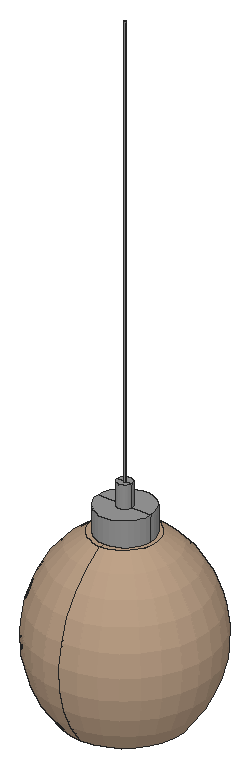
Revit family "Bommel Bulb Lamp - Birch", category Lighting Fixtures, host Ceiling, Revit 2020
Family settings
  Host = Ceiling
  Round Connector Dimension = Use Diameter
  Part Type = Normal
  OmniClass Number = 23.80.70.11
  OmniClass Title = Luminaries for Internal Lighting
  Always vertical = Yes
  Cut with Voids When Loaded = No
  Light Source = Yes
  Shared = No
  Room Calculation Point = No
Parameters
  Width = 0
  Wattage = 12.1178 W
  WarrantyPeriod = 0
  WarrantyGuarantorParts = ""
  WarrantyGuarantorLabor = ""
  WarrantyDurationParts = 0
  WarrantyDurationLabor = 0
  WarrantyDescription = ""
  WarrantyContent = ""
  built-in parameter 1150110 = 1 (stored number, unit not read)
  VisibleLightTransmittance = ""
  built-in parameter 1114217 = 1 (stored number, unit not read)
  built-in parameter 1150109 = 1 (stored number, unit not read)
  built-in parameter 1150134 = (empty or 0)
  built-in parameter 1150113 = 1 (stored number, unit not read)
  Size = ""
  Shape = ""
  ReplacementCost = 0
  Reference = ""
  NominalWidth = 0
  NominalLength = 0
  NominalHeight = 0
  ModelReference = ""
  ModelLabel = ""
  MaterialFrame = ""
  Material = ""
  Lumens = 1800 lm
  built-in parameter 1010506 = 0.5236 (stored number, unit not read)
  built-in parameter 1010507 = 1.5708 (stored number, unit not read)
  Tilt Angle = 90.00°
  built-in parameter 1150115 = 1 (stored number, unit not read)
  built-in parameter 1150105 = 6018.4 (stored number, unit not read)
  Light Source Symbol Length = 10' - 0"
  built-in parameter 1150137 = (empty or 0)
  built-in parameter 1150139 = (empty or 0)
  built-in parameter 1150112 = 1 (stored number, unit not read)
  built-in parameter 1150114 = 1 (stored number, unit not read)
  IsExtendedWarranty = 0
  built-in parameter 1150132 = 2
  built-in parameter 1150102 = (empty or 0)
  built-in parameter 1150138 = (empty or 0)
  built-in parameter 1150107 = 3000 (stored number, unit not read)
  built-in parameter 1150106 = 60.184 (stored number, unit not read)
  Height = 0
  GlobalTradeItemNumber = ""
  Finish = ""
  Features = ""
  ExpectedLife = ""
  built-in parameter 1150104 = 13.8 (stored number, unit not read)
  DurabilityRating = ""
  Dimming Lamp Color Temperature Shift = <None>
  Default Elevation = 0' - 0"
  CreatedBy = ""
  ConstructionMethod = ""
  Color Filter = 16777215
  Color = ""
  CodePerformance = ""
  CoatingFrame = ""
  BatchReference = ""
  BarCode = 0
  built-in parameter 1114218 = 1 (stored number, unit not read)
  built-in parameter 1150133 = 10 (stored number, unit not read)
  AssemblyPlace = ""
  ArticleNumber = ""
  Area = 0
  AccessibilityPerformance = ""
Reference planes (in)
  plane 1 "Light Source Axis (F/B)": y = 0
  plane 2 "Ceiling": z = 96
  plane 3 "Light Source Axis (L/R)": x = 0
  plane 4 "Light Source Elevation": z = 63.53885
  plane 5: z = 69.85657
  plane 6: z = 60.48593
Forms (in)
  Revolve 1, solid
    sketch origin (0, 0, -20.70277) x (0, 1, 0) y (0, 0, 1)
      loop
        line (3.05653, 81.1887) -> (3.125, 81.1887)
        arc (3.125, 81.1887) -> (4.6381, 86.19235) -> (1.76487, 90.55934) r 6.16521
        line (1.76487, 90.55934) -> (0, 90.55934) -> (0, 90.50856) -> (1.75048, 90.50856)
        arc (1.75048, 90.50856) -> (4.59208, 86.15533) -> (3.05653, 81.1887) r 6.11443
      axis (0, 90.55934) -> (0, 81.1887)
    angle from 0 to 360
  Revolve 2, solid
    sketch origin (0, 0, 0) x (1, 0, 0) y (0, 0, 1)
      loop
        line (0, 69.85657) -> (0, 71.20573) -> (-1.5, 71.20573) -> (-1.5, 69.85657) -> (0, 69.85657)
      axis (0, 71.20573) -> (0, 69.85657)
    angle from 0 to 360
  Revolve 3, solid
    sketch origin (0, 0, 0.69735) x (1, 0, 0) y (0, 0, 1)
      loop
        line (0, 70.50838) -> (0, 71.72736) -> (-0.39675, 71.72736) -> (-0.39675, 70.50838) -> (0, 70.50838)
      axis (0, 71.72736) -> (0, 70.50838)
    angle from 0 to 360
  Revolve 4, solid
    sketch origin (0, 0, 0) x (1, 0, 0) y (0, 0, 1)
      loop
        line (0, 72.42471) -> (0, 96) -> (-0.06648, 96) -> (-0.06648, 72.42471) -> (0, 72.42471)
      axis (0, 96) -> (0, 72.42471)
    angle from 0 to 360
Text (in)
  text "0 Tilt Angle" at (-58.35608, 9.29162, 84), in view "Ref. Level"
  text "180 Tilt Angle" at (25.71096, 9.29162, 84), in view "Ref. Level"
Dimensions and locks (in)
  equal spacing: host sketch curve, plane 3 "Light Source Axis (L/R)", host sketch curve
  equal spacing: host sketch curve, plane 1 "Light Source Axis (F/B)", host sketch curve
  host sketch curve to host sketch curve = 10' - 0"  (x2)
  plane 6 to plane 5 = 0' - 9.37064"
  aligned and locked: plane 1 "Light Source Axis (F/B)" to imposter light
  aligned and locked: plane 4 "Light Source Elevation" to imposter light
  aligned and locked: plane 5 to Revolve 2
  aligned and locked: Revolve 2 to Revolve 3
  aligned and locked: Revolve 3 to Revolve 4
